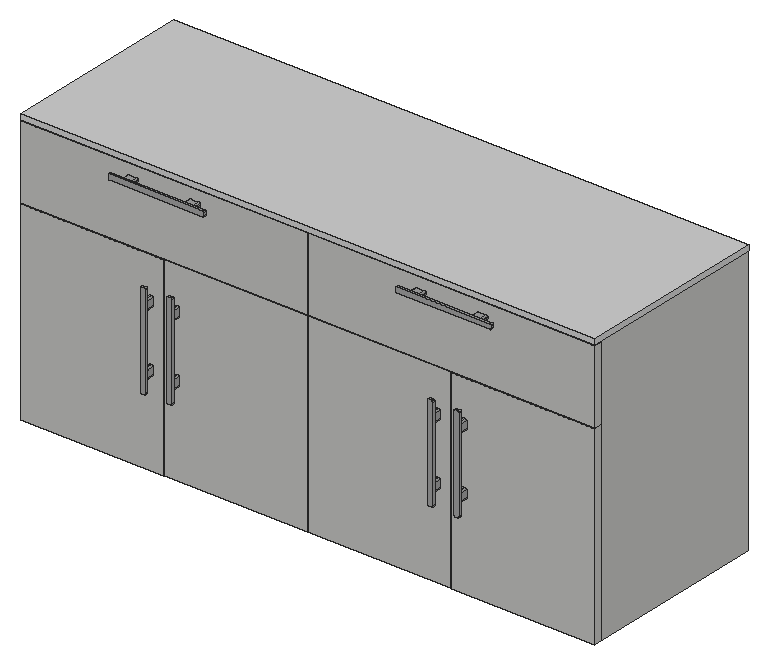
Revit family "Storage-Teknion-CWSD_Credenza_Drawer_and_Closed_Cabinet-R2020", category Furniture, Revit 2020 (continued)
Dimensions and locks (in)
  equal spacing: plane 4 "Left", plane 12, plane 13, plane 5 "Right"
  equal spacing: plane 4 "Left", plane 14, plane 3 "Center Left/Right"
  equal spacing: plane 3 "Center Left/Right", plane 15, plane 5 "Right"
  locked: plane 8 "Top" to Sweep 1 sketch curve at 0.54
  locked: Sweep 2 sketch curve to plane 5 "Right" at 0.72441
  locked: plane 4 "Left" to Sweep 2 sketch curve at 0.72441
  locked: plane 7 "Front" to Sweep 2 sketch curve at 0.80315  (x2)
  locked: plane 7 "Front" to Sweep 3 sketch curve at 0.72441
  locked: plane 10 "Bottom of Top Surface" to Sweep 4 sketch curve at 0.72441
  locked: plane 4 "Left" to Sweep 4 sketch curve at 0.72441
  plane 6 "Back" to Sweep 4 sketch curve to Sweep 4 sketch curve = 2.000" locked, 0.72047" locked
  locked: plane 10 "Bottom of Top Surface" to Sweep 5 sketch curve at 0.72441
  locked: Sweep 5 sketch curve to plane 5 "Right" at 0.72441
  plane 6 "Back" to Sweep 5 sketch curve to Sweep 5 sketch curve = 2.000" locked, 0.72047" locked
  plane 10 "Bottom of Top Surface" to Sweep 6 sketch curve = 0.72441"
  locked: plane 4 "Left" to Sweep 6 sketch curve at 0.72441
  plane 6 "Back" to Sweep 6 sketch curve to Sweep 6 sketch curve = 2.000" locked, 0.72047" locked
  plane 6 "Back" to Sweep 7 sketch curve to Sweep 7 sketch curve = 2.000" locked, 0.72047" locked
  locked: Sweep 8 sketch curve to plane 5 "Right" at 0.72441
  plane 6 "Back" to Sweep 8 sketch curve to Sweep 8 sketch curve = 2.000" locked, 0.72047" locked
  locked: plane 8 "Top" to Sweep 7 sketch curve at 1.26441
  locked: plane 8 "Top" to Sweep 8 sketch curve at 1.26441
  locked: plane 7 "Front" to Sweep 9 sketch curve at 0.72441
  Sweep 3 sketch curve to plane 14 to Sweep 3 sketch curve = 0.03937" locked, 0.03937" locked
  Sweep 9 sketch curve to plane 15 to Sweep 9 sketch curve = 0.03937" locked, 0.03937" locked
  equal spacing: plane 4 "Left", plane 16, plane 12
  equal spacing: plane 13, plane 17, plane 5 "Right"
  locked: plane 7 "Front" to Sweep 10 sketch curve at 0.72441
  Sweep 10 sketch curve to plane 16 to Sweep 10 sketch curve = 0.03937" locked, 0.03937" locked
  locked: plane 7 "Front" to Sweep 11 sketch curve at 0.72441
  Sweep 11 sketch curve to plane 3 "Center Left/Right" to Sweep 11 sketch curve = 0.03937" locked, 0.03937" locked
  locked: plane 7 "Front" to Sweep 12 sketch curve at 0.72441
  Sweep 12 sketch curve to plane 17 to Sweep 12 sketch curve = 0.03937" locked, 0.03937" locked
  locked: plane 7 "Front" to Sweep 13 sketch curve at 0.80315
  locked: plane 10 "Bottom of Top Surface" to Sweep 13 sketch curve at 0.72441
  locked: Sweep 13 sketch curve to plane 4 "Left" at 0.72441
  locked: plane 7 "Front" to Sweep 14 sketch curve at 0.80315
  locked: plane 10 "Bottom of Top Surface" to Sweep 14 sketch curve at 0.72441
  locked: Sweep 14 sketch curve to plane 5 "Right" at 0.72441
  locked: plane 7 "Front" to Sweep 15 sketch curve at 0.80315
  locked: Sweep 15 sketch curve to plane 4 "Left" at 0.72441
  locked: plane 10 "Bottom of Top Surface" to Sweep 15 sketch curve at 0.72441  (x2)
  locked: Sweep 15 sketch curve to plane 5 "Right" at 0.72441
  plane 8 "Top" to plane 10 "Bottom of Top Surface" to plane 11 "Top of Drawers" = 0.540" locked, 7.834"
  locked: plane 9 "Bottom of Cabinet" to level at 0.5
  locked: plane 7 "Front" to Sweep 16 sketch curve at 0.80315
  locked: plane 10 "Bottom of Top Surface" to Sweep 16 sketch curve at 0.72441
  Sweep 17 sketch curve to Sweep 17 sketch curve to plane 9 "Bottom of Cabinet" = 0.72441" locked, 1.27559" locked
  locked: Sweep 17 sketch curve to plane 5 "Right" at 0.72441
  Sweep 17 sketch curve to plane 3 "Center Left/Right" to Sweep 17 sketch curve = 0.72441" locked, 0.72441" locked
  locked: plane 4 "Left" to Sweep 17 sketch curve at 0.72441
  locked: plane 6 "Back" to Sweep 17 sketch curve at 2.72047  (x2)
  locked: plane 7 "Front" to Sweep 17 sketch curve at 1.52756  (x2)
  Sweep 18 sketch curve to Sweep 18 sketch curve to plane 9 "Bottom of Cabinet" = 0.72441" locked, 1.27559" locked
  locked: plane 4 "Left" to Sweep 18 sketch curve at 0.72441
  Sweep 18 sketch curve to plane 12 to Sweep 18 sketch curve = 0.72441" locked, 0.72441" locked
  Sweep 18 sketch curve to plane 13 to Sweep 18 sketch curve = 0.72441" locked, 0.72441" locked
  locked: Sweep 18 sketch curve to plane 5 "Right" at 0.72441
  plane 6 "Back" to Sweep 18 sketch curve to Sweep 18 sketch curve to Sweep 18 sketch curve = 2.72047" locked, 0.000" locked, 0.000" locked
  plane 7 "Front" to Sweep 18 sketch curve to Sweep 18 sketch curve to Sweep 18 sketch curve = 1.52756" locked, 0.000" locked, 0.000" locked
  locked: Sweep 19 sketch curve to plane 4 "Left" at 0.72441
  locked: Sweep 19 sketch curve to plane 5 "Right" at 0.72441
  Sweep 19 sketch curve to plane 3 "Center Left/Right" to Sweep 19 sketch curve = 0.72441" locked, 0.72441" locked
  Sweep 19 sketch curve to Sweep 19 sketch curve to plane 9 "Bottom of Cabinet" = 0.000" locked, 2.000" locked
  plane 7 "Front" to Sweep 19 sketch curve to Sweep 19 sketch curve = 0.80315" locked, 0.72441" locked
  plane 7 "Front" to Sweep 20 sketch curve to Sweep 20 sketch curve = 0.80315" locked, 0.72441" locked
  locked: Sweep 20 sketch curve to plane 4 "Left" at 0.72441
  Sweep 20 sketch curve to plane 12 to Sweep 20 sketch curve = 0.72441" locked, 0.72441" locked
  Sweep 20 sketch curve to plane 13 to Sweep 20 sketch curve = 0.72441" locked, 0.72441" locked
  locked: Sweep 20 sketch curve to plane 5 "Right" at 0.72441
  Sweep 20 sketch curve to Sweep 20 sketch curve to Sweep 20 sketch curve to plane 9 "Bottom of Cabinet" = 0.000" locked, 0.000" locked, 2.000" locked
  locked: plane 6 "Back" to Sweep 21 sketch curve at 2.72047
  locked: plane 7 "Front" to Sweep 21 sketch curve at 0.80315
  locked: plane 3 "Center Left/Right" to Sweep 21 sketch curve at 0.72441
  locked: plane 10 "Bottom of Top Surface" to Sweep 21 sketch curve at 0.72441
  locked: plane 6 "Back" to Sweep 22 sketch curve at 2.72047
  locked: plane 7 "Front" to Sweep 22 sketch curve at 0.80315
  locked: Sweep 22 sketch curve to plane 3 "Center Left/Right" at 0.72441
  locked: plane 10 "Bottom of Top Surface" to Sweep 22 sketch curve at 0.72441
  locked: plane 6 "Back" to Sweep 23 sketch curve at 2.72047
  locked: plane 7 "Front" to Sweep 23 sketch curve at 0.80315
  plane 10 "Bottom of Top Surface" to Sweep 23 sketch curve to Sweep 23 sketch curve = 0.72441" locked, 0.000" locked
  locked: plane 12 to Sweep 23 sketch curve at 0.72441
  locked: Sweep 23 sketch curve to plane 13 at 0.72441
  locked: plane 6 "Back" to Sweep 24 sketch curve at 2.72047
  locked: plane 7 "Front" to Sweep 24 sketch curve at 0.80315
  plane 10 "Bottom of Top Surface" to Sweep 24 sketch curve to Sweep 24 sketch curve = 0.72441" locked, 0.000" locked
  locked: Sweep 24 sketch curve to plane 12 at 0.72441
  locked: plane 13 to Sweep 24 sketch curve at 0.72441
  locked: Sweep 25 sketch curve to level at 1.77559
  locked: plane 4 "Left" to Sweep 25 sketch curve at 1.7205  (x2)
  locked: plane 6 "Back" to Sweep 25 sketch curve at 3.74977  (x2)
  locked: Sweep 25 sketch curve to plane 5 "Right" at 1.7205  (x2)
  locked: plane 7 "Front" to Sweep 25 sketch curve at 2.5525  (x2)
  locked: Sweep 26 sketch curve to level at 1.77559
  Sweep 26 sketch curve to Sweep 26 sketch curve to plane 3 "Center Left/Right" to Sweep 26 sketch curve to Sweep 26 sketch curve = 0.000" locked, 1.7205" locked, 1.7205" locked, 0.000" locked
  Sweep 26 sketch curve to Sweep 26 sketch curve to plane 6 "Back" = 0.000" locked, 3.74977" locked
  locked: Sweep 27 sketch curve to level at 1.77559
  Sweep 27 sketch curve to Sweep 27 sketch curve to plane 12 to Sweep 27 sketch curve to Sweep 27 sketch curve = 0.000" locked, 1.7205" locked, 1.7205" locked, 0.000" locked
  Sweep 27 sketch curve to Sweep 27 sketch curve to plane 13 to Sweep 27 sketch curve to Sweep 27 sketch curve = 0.000" locked, 1.7205" locked, 1.7205" locked, 0.000" locked
  Sweep 27 sketch curve to Sweep 27 sketch curve to Sweep 27 sketch curve to Sweep 27 sketch curve to plane 6 "Back" = 0.000" locked, 0.000" locked, 0.000" locked, 3.74977" locked
  Sweep 28 sketch curve to Sweep 28 sketch curve to plane 7 "Front" = 0.19031" locked, 0.81363" locked
  Sweep 28 sketch curve to Sweep 28 sketch curve to Sweep 28 sketch curve to Sweep 28 sketch curve to Sweep 28 sketch curve to Sweep 28 sketch curve to plane 14 to Sweep 28 sketch curve to Sweep 28 sketch curve to Sweep 28 sketch curve to Sweep 28 sketch curve to Sweep 28 sketch curve to Sweep 28 sketch curve = 0.1378" locked, 0.000" locked, 0.27559" locked, 0.000" locked, 0.1378" locked, 1.10236" locked, 1.10236" locked, 0.1378" locked, 0.000" locked, 0.27559" locked, 0.000" locked, 0.1378" locked
  Sweep 28 sketch curve to Sweep 28 sketch curve to Sweep 28 sketch curve to Sweep 28 sketch curve to Sweep 28 sketch curve to Sweep 28 sketch curve to plane 15 to Sweep 28 sketch curve to Sweep 28 sketch curve to Sweep 28 sketch curve to Sweep 28 sketch curve to Sweep 28 sketch curve to Sweep 28 sketch curve = 0.1378" locked, 0.000" locked, 0.27559" locked, 0.000" locked, 0.1378" locked, 1.10236" locked, 1.10236" locked, 0.1378" locked, 0.000" locked, 0.27559" locked, 0.000" locked, 0.1378" locked
  plane 11 "Top of Drawers" to Sweep 28 sketch curve to Sweep 28 sketch curve to Sweep 28 sketch curve to Sweep 28 sketch curve to Sweep 28 sketch curve to Sweep 28 sketch curve to Sweep 28 sketch curve to Sweep 28 sketch curve to Sweep 28 sketch curve to Sweep 28 sketch curve to Sweep 28 sketch curve to Sweep 28 sketch curve = 2.59843" locked, 0.000" locked, 0.1378" locked, 0.000" locked, 0.000" locked, 0.000" locked, 9.72441" locked, 0.000" locked, 0.000" locked, 0.000" locked, 0.1378" locked, 0.000" locked  (x2)
  locked: Sweep 29 sketch curve to plane 7 "Front" at 0.81363
  plane 11 "Top of Drawers" to Sweep 29 sketch curve to Sweep 29 sketch curve to Sweep 29 sketch curve to Sweep 29 sketch curve to Sweep 29 sketch curve to Sweep 29 sketch curve to Sweep 29 sketch curve to Sweep 29 sketch curve to Sweep 29 sketch curve to Sweep 29 sketch curve to Sweep 29 sketch curve to Sweep 29 sketch curve to Sweep 29 sketch curve to Sweep 29 sketch curve to Sweep 29 sketch curve to Sweep 29 sketch curve to Sweep 29 sketch curve to Sweep 29 sketch curve to Sweep 29 sketch curve to Sweep 29 sketch curve to Sweep 29 sketch curve to Sweep 29 sketch curve to Sweep 29 sketch curve to Sweep 29 sketch curve = 3.83327" locked, 0.000" locked, 0.14311" locked, 0.000" locked, 0.000" locked, 0.000" locked, 0.7874" locked, 0.000" locked, 0.000" locked, 0.000" locked, 0.14311" locked, 0.000" locked, 5.38338" locked, 0.000" locked, 0.14311" locked, 0.000" locked, 0.000" locked, 0.000" locked, 0.7874" locked, 0.000" locked, 0.000" locked, 0.000" locked, 0.14311" locked, 0.000" locked  (x2)
  Sweep 29 sketch curve to Sweep 29 sketch curve to Sweep 29 sketch curve to Sweep 29 sketch curve to Sweep 29 sketch curve to Sweep 29 sketch curve to Sweep 29 sketch curve to Sweep 29 sketch curve to Sweep 29 sketch curve to Sweep 29 sketch curve to Sweep 29 sketch curve to Sweep 29 sketch curve to plane 14 to Sweep 29 sketch curve to Sweep 29 sketch curve to Sweep 29 sketch curve to Sweep 29 sketch curve to Sweep 29 sketch curve to Sweep 29 sketch curve to Sweep 29 sketch curve to Sweep 29 sketch curve to Sweep 29 sketch curve to Sweep 29 sketch curve to Sweep 29 sketch curve to Sweep 29 sketch curve = 0.000" locked, 0.14311" locked, 0.000" locked, 0.000" locked, 0.000" locked, 0.11811" locked, 0.000" locked, 0.000" locked, 0.000" locked, 0.14311" locked, 0.000" locked, 1.17579" locked, 1.17579" locked, 0.000" locked, 0.14311" locked, 0.000" locked, 0.000" locked, 0.000" locked, 0.11811" locked, 0.000" locked, 0.000" locked, 0.000" locked, 0.14311" locked, 0.000" locked
  Sweep 29 sketch curve to Sweep 29 sketch curve to Sweep 29 sketch curve to Sweep 29 sketch curve to Sweep 29 sketch curve to Sweep 29 sketch curve to Sweep 29 sketch curve to Sweep 29 sketch curve to Sweep 29 sketch curve to Sweep 29 sketch curve to Sweep 29 sketch curve to Sweep 29 sketch curve to plane 15 to Sweep 29 sketch curve to Sweep 29 sketch curve to Sweep 29 sketch curve to Sweep 29 sketch curve to Sweep 29 sketch curve to Sweep 29 sketch curve to Sweep 29 sketch curve to Sweep 29 sketch curve to Sweep 29 sketch curve to Sweep 29 sketch curve to Sweep 29 sketch curve to Sweep 29 sketch curve = 0.000" locked, 0.14311" locked, 0.000" locked, 0.000" locked, 0.000" locked, 0.11811" locked, 0.000" locked, 0.000" locked, 0.000" locked, 0.14311" locked, 0.000" locked, 1.17579" locked, 1.17579" locked, 0.000" locked, 0.14311" locked, 0.000" locked, 0.000" locked, 0.000" locked, 0.11811" locked, 0.000" locked, 0.000" locked, 0.000" locked, 0.14311" locked, 0.000" locked
  locked: Sweep 30 sketch curve to Sweep 30 sketch curve at 0.19031
  Sweep 30 sketch curve to Sweep 30 sketch curve to Sweep 30 sketch curve to Sweep 30 sketch curve to Sweep 30 sketch curve to Sweep 30 sketch curve to plane 16 to Sweep 30 sketch curve to Sweep 30 sketch curve to Sweep 30 sketch curve to Sweep 30 sketch curve to Sweep 30 sketch curve to Sweep 30 sketch curve = 0.1378" locked, 0.000" locked, 0.27559" locked, 0.000" locked, 0.1378" locked, 1.10327" locked, 1.10131" locked, 0.1378" locked, 0.000" locked, 0.27559" locked, 0.000" locked, 0.1378" locked
  plane 11 "Top of Drawers" to Sweep 30 sketch curve to Sweep 30 sketch curve to Sweep 30 sketch curve to Sweep 30 sketch curve to Sweep 30 sketch curve to Sweep 30 sketch curve to Sweep 30 sketch curve to Sweep 30 sketch curve to Sweep 30 sketch curve to Sweep 30 sketch curve to Sweep 30 sketch curve to Sweep 30 sketch curve = 2.59843" locked, 0.000" locked, 0.1378" locked, 0.000" locked, 0.000" locked, 0.000" locked, 9.72441" locked, 0.000" locked, 0.000" locked, 0.000" locked, 0.1378" locked, 0.000" locked  (x3)
  plane 11 "Top of Drawers" to Sweep 31 sketch curve to Sweep 31 sketch curve to Sweep 31 sketch curve to Sweep 31 sketch curve to Sweep 31 sketch curve to Sweep 31 sketch curve to Sweep 31 sketch curve to Sweep 31 sketch curve to Sweep 31 sketch curve to Sweep 31 sketch curve to Sweep 31 sketch curve to Sweep 31 sketch curve to Sweep 31 sketch curve to Sweep 31 sketch curve to Sweep 31 sketch curve to Sweep 31 sketch curve to Sweep 31 sketch curve to Sweep 31 sketch curve to Sweep 31 sketch curve to Sweep 31 sketch curve to Sweep 31 sketch curve to Sweep 31 sketch curve to Sweep 31 sketch curve to Sweep 31 sketch curve = 3.83327" locked, 0.000" locked, 0.14311" locked, 0.000" locked, 0.000" locked, 0.000" locked, 0.7874" locked, 0.000" locked, 0.000" locked, 0.000" locked, 0.14311" locked, 0.000" locked, 5.38338" locked, 0.000" locked, 0.14311" locked, 0.000" locked, 0.000" locked, 0.000" locked, 0.7874" locked, 0.000" locked, 0.000" locked, 0.000" locked, 0.14311" locked, 0.000" locked  (x3)
  Sweep 31 sketch curve to Sweep 31 sketch curve to Sweep 31 sketch curve to Sweep 31 sketch curve to Sweep 31 sketch curve to Sweep 31 sketch curve to Sweep 31 sketch curve to Sweep 31 sketch curve to Sweep 31 sketch curve to Sweep 31 sketch curve to Sweep 31 sketch curve to Sweep 31 sketch curve to plane 16 to Sweep 31 sketch curve to Sweep 31 sketch curve to Sweep 31 sketch curve to Sweep 31 sketch curve to Sweep 31 sketch curve to Sweep 31 sketch curve to Sweep 31 sketch curve to Sweep 31 sketch curve to Sweep 31 sketch curve to Sweep 31 sketch curve to Sweep 31 sketch curve to Sweep 31 sketch curve = 0.000" locked, 0.14311" locked, 0.000" locked, 0.000" locked, 0.000" locked, 0.11811" locked, 0.000" locked, 0.000" locked, 0.000" locked, 0.14311" locked, 0.000" locked, 1.17683" locked, 1.17474" locked, 0.000" locked, 0.14311" locked, 0.000" locked, 0.000" locked, 0.000" locked, 0.11811" locked, 0.000" locked, 0.000" locked, 0.000" locked, 0.14311" locked, 0.000" locked
  Sweep 30 sketch curve to Sweep 30 sketch curve to Sweep 30 sketch curve to Sweep 30 sketch curve to Sweep 30 sketch curve to Sweep 30 sketch curve to plane 17 to Sweep 30 sketch curve to Sweep 30 sketch curve to Sweep 30 sketch curve to Sweep 30 sketch curve to Sweep 30 sketch curve to Sweep 30 sketch curve = 0.1378" locked, 0.000" locked, 0.27559" locked, 0.000" locked, 0.1378" locked, 1.10327" locked, 1.10131" locked, 0.1378" locked, 0.000" locked, 0.27559" locked, 0.000" locked, 0.1378" locked
  Sweep 30 sketch curve to Sweep 30 sketch curve to Sweep 30 sketch curve to Sweep 30 sketch curve to Sweep 30 sketch curve to Sweep 30 sketch curve to plane 3 "Center Left/Right" to Sweep 30 sketch curve to Sweep 30 sketch curve to Sweep 30 sketch curve to Sweep 30 sketch curve to Sweep 30 sketch curve to Sweep 30 sketch curve = 0.1378" locked, 0.000" locked, 0.27559" locked, 0.000" locked, 0.1378" locked, 1.10327" locked, 1.10131" locked, 0.1378" locked, 0.000" locked, 0.27559" locked, 0.000" locked, 0.1378" locked
  Sweep 31 sketch curve to Sweep 31 sketch curve to Sweep 31 sketch curve to Sweep 31 sketch curve to Sweep 31 sketch curve to Sweep 31 sketch curve to Sweep 31 sketch curve to Sweep 31 sketch curve to Sweep 31 sketch curve to Sweep 31 sketch curve to Sweep 31 sketch curve to Sweep 31 sketch curve to plane 17 to Sweep 31 sketch curve to Sweep 31 sketch curve to Sweep 31 sketch curve to Sweep 31 sketch curve to Sweep 31 sketch curve to Sweep 31 sketch curve to Sweep 31 sketch curve to Sweep 31 sketch curve to Sweep 31 sketch curve to Sweep 31 sketch curve to Sweep 31 sketch curve to Sweep 31 sketch curve = 0.000" locked, 0.14311" locked, 0.000" locked, 0.000" locked, 0.000" locked, 0.11811" locked, 0.000" locked, 0.000" locked, 0.000" locked, 0.14311" locked, 0.000" locked, 1.17683" locked, 1.17474" locked, 0.000" locked, 0.14311" locked, 0.000" locked, 0.000" locked, 0.000" locked, 0.11811" locked, 0.000" locked, 0.000" locked, 0.000" locked, 0.14311" locked, 0.000" locked
  Sweep 31 sketch curve to Sweep 31 sketch curve to Sweep 31 sketch curve to Sweep 31 sketch curve to Sweep 31 sketch curve to Sweep 31 sketch curve to Sweep 31 sketch curve to Sweep 31 sketch curve to Sweep 31 sketch curve to Sweep 31 sketch curve to Sweep 31 sketch curve to Sweep 31 sketch curve to plane 3 "Center Left/Right" to Sweep 31 sketch curve to Sweep 31 sketch curve to Sweep 31 sketch curve to Sweep 31 sketch curve to Sweep 31 sketch curve to Sweep 31 sketch curve to Sweep 31 sketch curve to Sweep 31 sketch curve to Sweep 31 sketch curve to Sweep 31 sketch curve to Sweep 31 sketch curve to Sweep 31 sketch curve = 0.000" locked, 0.14311" locked, 0.000" locked, 0.000" locked, 0.000" locked, 0.11811" locked, 0.000" locked, 0.000" locked, 0.000" locked, 0.14311" locked, 0.000" locked, 1.17579" locked, 1.17579" locked, 0.000" locked, 0.14311" locked, 0.000" locked, 0.000" locked, 0.000" locked, 0.11811" locked, 0.000" locked, 0.000" locked, 0.000" locked, 0.14311" locked, 0.000" locked
  Masking region 2 sketch curve to Masking region 2 sketch curve to Masking region 2 sketch curve to Masking region 2 sketch curve to plane 7 "Front" = 0.000" locked, 0.000" locked, 0.000" locked, 0.81363" locked
  Masking region 2 sketch curve to Masking region 2 sketch curve to plane 14 to Masking region 2 sketch curve to Masking region 2 sketch curve = 0.40433" locked, 1.17579" locked, 1.17579" locked, 0.40433" locked
  Masking region 2 sketch curve to Masking region 2 sketch curve to plane 15 to Masking region 2 sketch curve to Masking region 2 sketch curve = 0.40433" locked, 1.17579" locked, 1.17579" locked, 0.40433" locked
  Masking region 4 sketch curve to Masking region 4 sketch curve to plane 16 to Masking region 4 sketch curve to Masking region 4 sketch curve = 0.40433" locked, 1.17683" locked, 1.17474" locked, 0.40433" locked
  Masking region 4 sketch curve to Masking region 4 sketch curve to plane 3 "Center Left/Right" to Masking region 4 sketch curve to Masking region 4 sketch curve = 0.40433" locked, 1.17579" locked, 1.17579" locked, 0.40433" locked
  Masking region 4 sketch curve to Masking region 4 sketch curve to plane 17 to Masking region 4 sketch curve to Masking region 4 sketch curve = 0.40433" locked, 1.17474" locked, 1.17683" locked, 0.40433" locked
  plane 7 "Front" to Masking region 4 sketch curve to Masking region 4 sketch curve to Masking region 4 sketch curve to Masking region 4 sketch curve to Masking region 4 sketch curve to Masking region 4 sketch curve = 0.81363" locked, 0.000" locked, 0.000" locked, 0.000" locked, 0.000" locked, 0.000" locked
  locked: plane 7 "Front" to curve 3 at 0.80315
  plane 4 "Left" to curve 4 to curve 5 = 0.72441" locked, 0.000" locked
  curve 4 to curve 5 to plane 5 "Right" = 0.000" locked, 0.72441" locked
  plane 6 "Back" to curve 4 to curve 5 = 2.000" locked, 0.72047" locked
  locked: plane 7 "Front" to curve 6 at 0.72441
  plane 7 "Front" to Sweep 27 sketch curve to Sweep 27 sketch curve to Sweep 27 sketch curve to Sweep 27 sketch curve = 2.5525" locked, 0.000" locked, 0.000" locked, 0.000" locked
  plane 7 "Front" to Sweep 26 sketch curve to Sweep 26 sketch curve = 2.5525" locked, 0.000" locked
  locked: plane 6 "Back" to plane 18 at 2.72047
  locked: plane 7 "Front" to plane 19 at 0.80315
  curve 10 to plane 12 to curve 11 = 0.72441" locked, 0.72441" locked
  curve 12 to plane 13 to curve 13 = 0.72441" locked, 0.72441" locked
  curve 14 to plane 3 "Center Left/Right" to curve 15 = 0.72441" locked, 0.72441" locked
  curve 24 to plane 17 to curve 25 = 0.03937" locked, 0.03937" locked
  curve 22 to plane 15 to curve 23 = 0.03937" locked, 0.03937" locked
  curve 20 to plane 3 "Center Left/Right" to curve 21 = 0.03937" locked, 0.03937" locked
  curve 18 to plane 14 to curve 19 = 0.03937" locked, 0.03937" locked
  curve 16 to plane 16 to curve 17 = 0.03937" locked, 0.03937" locked
  plane 18 to curve 26 to curve 27 to curve 28 to curve 33 to curve 41 to curve 36 to curve 35 to curve 34 = 1.0293" locked, 0.000" locked, 0.000" locked, 0.000" locked, 0.000" locked, 0.000" locked, 0.000" locked, 0.000" locked
  plane 19 to curve 29 to curve 30 to curve 31 to curve 32 to curve 40 to curve 39 to curve 38 to curve 37 = 1.74935" locked, 0.000" locked, 0.000" locked, 0.000" locked, 0.000" locked, 0.000" locked, 0.000" locked, 0.000" locked
  plane 4 "Left" to curve 26 to curve 29 = 1.7205" locked, 0.000" locked
  curve 30 to curve 27 to plane 12 to curve 31 to curve 28 = 0.000" locked, 1.7205" locked, 1.7205" locked, 0.000" locked
  curve 33 to curve 32 to plane 3 "Center Left/Right" to curve 41 to curve 40 = 0.000" locked, 1.7205" locked, 1.7205" locked, 0.000" locked
  curve 36 to curve 39 to plane 13 to curve 35 to curve 38 = 0.000" locked, 1.7205" locked, 1.7205" locked, 0.000" locked
  curve 34 to curve 37 to plane 5 "Right" = 0.000" locked, 1.7205" locked
  locked: plane 7 "Front" to Sweep 32 sketch curve at 0.72441
  plane 8 "Top" to Sweep 32 sketch curve to Sweep 32 sketch curve = 0.61874" locked, 7.67652" locked
  locked: plane 7 "Front" to Sweep 33 sketch curve at 0.72441
  plane 8 "Top" to Sweep 33 sketch curve to Sweep 33 sketch curve = 0.61874" locked, 7.67652" locked
  locked: plane 7 "Front" to Sweep 34 sketch curve at 0.72441
  plane 8 "Top" to Sweep 34 sketch curve to Sweep 34 sketch curve = 0.61874" locked, 7.67652" locked  (x2)
  locked: plane 7 "Front" to Sweep 35 sketch curve at 0.72441
  plane 8 "Top" to Sweep 35 sketch curve to Sweep 35 sketch curve = 0.61874" locked, 7.67652" locked
  Sweep 36 sketch curve to Sweep 36 sketch curve to plane 7 "Front" = 0.19031" locked, 0.81363" locked
  plane 8 "Top" to Sweep 36 sketch curve to Sweep 36 sketch curve to Sweep 36 sketch curve to Sweep 36 sketch curve to Sweep 36 sketch curve to Sweep 36 sketch curve to Sweep 36 sketch curve to Sweep 36 sketch curve to Sweep 36 sketch curve to Sweep 36 sketch curve to Sweep 36 sketch curve to Sweep 36 sketch curve = 1.64236" locked, 0.000" locked, 0.1378" locked, 0.000" locked, 0.000" locked, 0.000" locked, 0.27559" locked, 0.000" locked, 0.000" locked, 0.000" locked, 0.1378" locked, 0.000" locked
  Sweep 36 sketch curve to Sweep 36 sketch curve to Sweep 36 sketch curve to plane 14 to Sweep 36 sketch curve to Sweep 36 sketch curve to Sweep 36 sketch curve = 0.1378" locked, 0.000" locked, 4.8622" locked, 4.8622" locked, 0.000" locked, 0.1378" locked
  Sweep 36 sketch curve to Sweep 36 sketch curve to Sweep 36 sketch curve to plane 15 to Sweep 36 sketch curve to Sweep 36 sketch curve to Sweep 36 sketch curve = 0.1378" locked, 0.000" locked, 4.8622" locked, 4.8622" locked, 0.000" locked, 0.1378" locked
  Sweep 37 sketch curve to Sweep 37 sketch curve to plane 7 "Front" = 0.19031" locked, 0.81363" locked
  plane 8 "Top" to Sweep 37 sketch curve to Sweep 37 sketch curve to Sweep 37 sketch curve to Sweep 37 sketch curve to Sweep 37 sketch curve to Sweep 37 sketch curve to Sweep 37 sketch curve to Sweep 37 sketch curve to Sweep 37 sketch curve to Sweep 37 sketch curve to Sweep 37 sketch curve to Sweep 37 sketch curve to Sweep 37 sketch curve to Sweep 37 sketch curve to Sweep 37 sketch curve to Sweep 37 sketch curve to Sweep 37 sketch curve to Sweep 37 sketch curve = 1.64236" locked, 0.000" locked, 0.000" locked, 0.1378" locked, 0.000" locked, 0.000" locked, 0.000" locked, 0.000" locked, 0.000" locked, 0.27559" locked, 0.000" locked, 0.000" locked, 0.000" locked, 0.000" locked, 0.000" locked, 0.1378" locked, 0.000" locked, 0.000" locked
  Sweep 37 sketch curve to Sweep 37 sketch curve to Sweep 37 sketch curve to plane 16 to Sweep 37 sketch curve to Sweep 37 sketch curve to Sweep 37 sketch curve = 0.1378" locked, 0.000" locked, 4.8622" locked, 4.8622" locked, 0.000" locked, 0.1378" locked
  Sweep 37 sketch curve to Sweep 37 sketch curve to Sweep 37 sketch curve to plane 3 "Center Left/Right" to Sweep 37 sketch curve to Sweep 37 sketch curve to Sweep 37 sketch curve = 0.1378" locked, 0.000" locked, 4.8622" locked, 4.8622" locked, 0.000" locked, 0.1378" locked
  Sweep 37 sketch curve to Sweep 37 sketch curve to Sweep 37 sketch curve to plane 17 to Sweep 37 sketch curve to Sweep 37 sketch curve to Sweep 37 sketch curve = 0.1378" locked, 0.000" locked, 4.8622" locked, 4.8622" locked, 0.000" locked, 0.1378" locked
  locked: Sweep 38 sketch curve to plane 7 "Front" at 0.81363
  Sweep 38 sketch curve to Sweep 38 sketch curve to Sweep 38 sketch curve to Sweep 38 sketch curve to Sweep 38 sketch curve to Sweep 38 sketch curve to plane 16 to Sweep 38 sketch curve to Sweep 38 sketch curve to Sweep 38 sketch curve to Sweep 38 sketch curve to Sweep 38 sketch curve to Sweep 38 sketch curve = 0.14311" locked, 0.000" locked, 0.7874" locked, 0.000" locked, 0.14311" locked, 2.69154" locked, 2.69185" locked, 0.14311" locked, 0.000" locked, 0.7874" locked, 0.000" locked, 0.14311" locked
  Sweep 38 sketch curve to Sweep 38 sketch curve to Sweep 38 sketch curve to Sweep 38 sketch curve to Sweep 38 sketch curve to Sweep 38 sketch curve to plane 3 "Center Left/Right" to Sweep 38 sketch curve to Sweep 38 sketch curve to Sweep 38 sketch curve to Sweep 38 sketch curve to Sweep 38 sketch curve to Sweep 38 sketch curve = 0.14311" locked, 0.000" locked, 0.7874" locked, 0.000" locked, 0.14311" locked, 2.69154" locked, 2.69185" locked, 0.14311" locked, 0.000" locked, 0.7874" locked, 0.000" locked, 0.14311" locked
  Sweep 38 sketch curve to Sweep 38 sketch curve to Sweep 38 sketch curve to Sweep 38 sketch curve to Sweep 38 sketch curve to Sweep 38 sketch curve to plane 17 to Sweep 38 sketch curve to Sweep 38 sketch curve to Sweep 38 sketch curve to Sweep 38 sketch curve to Sweep 38 sketch curve to Sweep 38 sketch curve = 0.14311" locked, 0.000" locked, 0.7874" locked, 0.000" locked, 0.14311" locked, 2.69154" locked, 2.69185" locked, 0.14311" locked, 0.000" locked, 0.7874" locked, 0.000" locked, 0.14311" locked
  plane 8 "Top" to Sweep 38 sketch curve to Sweep 38 sketch curve to Sweep 38 sketch curve to Sweep 38 sketch curve to Sweep 38 sketch curve to Sweep 38 sketch curve to Sweep 38 sketch curve to Sweep 38 sketch curve to Sweep 38 sketch curve to Sweep 38 sketch curve to Sweep 38 sketch curve to Sweep 38 sketch curve to Sweep 38 sketch curve to Sweep 38 sketch curve to Sweep 38 sketch curve to Sweep 38 sketch curve to Sweep 38 sketch curve to Sweep 38 sketch curve to Sweep 38 sketch curve to Sweep 38 sketch curve to Sweep 38 sketch curve to Sweep 38 sketch curve to Sweep 38 sketch curve to Sweep 38 sketch curve to Sweep 38 sketch curve to Sweep 38 sketch curve to Sweep 38 sketch curve to Sweep 38 sketch curve to Sweep 38 sketch curve to Sweep 38 sketch curve to Sweep 38 sketch curve to Sweep 38 sketch curve to Sweep 38 sketch curve to Sweep 38 sketch curve to Sweep 38 sketch curve to Sweep 38 sketch curve = 1.71579" locked, 0.000" locked, 0.000" locked, 0.000" locked, 0.000" locked, 0.000" locked, 0.14311" locked, 0.000" locked, 0.000" locked, 0.000" locked, 0.000" locked, 0.000" locked, 0.000" locked, 0.000" locked, 0.000" locked, 0.000" locked, 0.000" locked, 0.000" locked, 0.11811" locked, 0.000" locked, 0.000" locked, 0.000" locked, 0.000" locked, 0.000" locked, 0.000" locked, 0.000" locked, 0.000" locked, 0.000" locked, 0.000" locked, 0.000" locked, 0.14311" locked, 0.000" locked, 0.000" locked, 0.000" locked, 0.000" locked, 0.000" locked
  plane 8 "Top" to Sweep 39 sketch curve to Sweep 39 sketch curve to Sweep 39 sketch curve to Sweep 39 sketch curve to Sweep 39 sketch curve to Sweep 39 sketch curve to Sweep 39 sketch curve to Sweep 39 sketch curve to Sweep 39 sketch curve to Sweep 39 sketch curve to Sweep 39 sketch curve to Sweep 39 sketch curve to Sweep 39 sketch curve to Sweep 39 sketch curve to Sweep 39 sketch curve to Sweep 39 sketch curve to Sweep 39 sketch curve to Sweep 39 sketch curve to Sweep 39 sketch curve to Sweep 39 sketch curve to Sweep 39 sketch curve to Sweep 39 sketch curve to Sweep 39 sketch curve to Sweep 39 sketch curve = 1.71579" locked, 0.000" locked, 0.000" locked, 0.000" locked, 0.14311" locked, 0.000" locked, 0.000" locked, 0.000" locked, 0.000" locked, 0.000" locked, 0.000" locked, 0.000" locked, 0.11811" locked, 0.000" locked, 0.000" locked, 0.000" locked, 0.000" locked, 0.000" locked, 0.000" locked, 0.000" locked, 0.14311" locked, 0.000" locked, 0.000" locked, 0.000" locked
  Sweep 39 sketch curve to Sweep 39 sketch curve to Sweep 39 sketch curve to Sweep 39 sketch curve to Sweep 39 sketch curve to Sweep 39 sketch curve to plane 14 to Sweep 39 sketch curve to Sweep 39 sketch curve to Sweep 39 sketch curve to Sweep 39 sketch curve to Sweep 39 sketch curve to Sweep 39 sketch curve = 0.14311" locked, 0.000" locked, 0.7874" locked, 0.000" locked, 0.14311" locked, 2.69154" locked, 2.69154" locked, 0.14311" locked, 0.000" locked, 0.7874" locked, 0.000" locked, 0.14311" locked
  Sweep 39 sketch curve to Sweep 39 sketch curve to Sweep 39 sketch curve to Sweep 39 sketch curve to Sweep 39 sketch curve to Sweep 39 sketch curve to plane 15 to Sweep 39 sketch curve to Sweep 39 sketch curve to Sweep 39 sketch curve to Sweep 39 sketch curve to Sweep 39 sketch curve to Sweep 39 sketch curve = 0.14311" locked, 0.000" locked, 0.7874" locked, 0.000" locked, 0.14311" locked, 2.69154" locked, 2.69154" locked, 0.14311" locked, 0.000" locked, 0.7874" locked, 0.000" locked, 0.14311" locked
  locked: Sweep 39 sketch curve to plane 7 "Front" at 0.81363
  Masking region 5 sketch curve to plane 16 to Masking region 5 sketch curve = 5.000" locked, 5.000" locked
  plane 7 "Front" to Masking region 5 sketch curve to Masking region 5 sketch curve = 0.81363" locked, 0.19031" locked
  Masking region 5 sketch curve to Masking region 5 sketch curve to plane 7 "Front" = 0.19031" locked, 0.81363" locked  (x2)
  Masking region 5 sketch curve to plane 3 "Center Left/Right" to Masking region 5 sketch curve = 5.000" locked, 5.000" locked
  Masking region 5 sketch curve to plane 17 to Masking region 5 sketch curve = 5.000" locked, 5.000" locked
  Masking region 3 sketch curve to plane 14 to Masking region 3 sketch curve = 5.000" locked, 5.000" locked
  Masking region 3 sketch curve to Masking region 3 sketch curve to plane 7 "Front" = 0.19031" locked, 0.81363" locked  (x2)
  Masking region 6 sketch curve to Masking region 6 sketch curve to plane 16 to Masking region 6 sketch curve to Masking region 6 sketch curve = 1.07362" locked, 2.69154" locked, 2.69154" locked, 1.07362" locked
  Masking region 6 sketch curve to Masking region 6 sketch curve to plane 3 "Center Left/Right" to Masking region 6 sketch curve to Masking region 6 sketch curve = 1.07362" locked, 2.69154" locked, 2.69154" locked, 1.07362" locked
  Masking region 6 sketch curve to Masking region 6 sketch curve to plane 17 to Masking region 6 sketch curve to Masking region 6 sketch curve = 1.07362" locked, 2.69154" locked, 2.69154" locked, 1.07362" locked
  plane 7 "Front" to Masking region 6 sketch curve to Masking region 6 sketch curve to Masking region 6 sketch curve to Masking region 6 sketch curve to Masking region 6 sketch curve to Masking region 6 sketch curve = 0.81363" locked, 0.000" locked, 0.000" locked, 0.000" locked, 0.000" locked, 0.000" locked
  Masking region 7 sketch curve to Masking region 7 sketch curve to plane 14 to Masking region 7 sketch curve to Masking region 7 sketch curve = 1.07362" locked, 2.69154" locked, 2.69154" locked, 1.07362" locked
  Masking region 7 sketch curve to Masking region 7 sketch curve to plane 15 to Masking region 7 sketch curve to Masking region 7 sketch curve = 1.07362" locked, 2.69154" locked, 2.69154" locked, 1.07362" locked
  plane 7 "Front" to Masking region 7 sketch curve to Masking region 7 sketch curve to Masking region 7 sketch curve to Masking region 7 sketch curve = 0.81363" locked, 0.000" locked, 0.000" locked, 0.000" locked
  Masking region 3 sketch curve to plane 15 to Masking region 3 sketch curve = 5.000" locked, 5.000" locked
  locked: plane 8 "Top" to plane 20 at 0.16
  aligned and locked: level to plane 2
  aligned and locked: plane 3 "Center Left/Right" to Sweep 1 sketch curve
  aligned and locked: plane 8 "Top" to Sweep 1 sketch curve
  aligned and locked: Sweep 1 sketch curve to plane 6 "Back"
  aligned and locked: plane 4 "Left" to Sweep 1 sketch curve
  aligned and locked: plane 5 "Right" to Sweep 1 sketch curve
  aligned and locked: Sweep 1 sketch curve to plane 7 "Front"
  aligned and locked: plane 3 "Center Left/Right" to Sweep 2 sketch curve
  aligned and locked: plane 10 "Bottom of Top Surface" to Sweep 2 sketch curve
  aligned and locked: plane 9 "Bottom of Cabinet" to Sweep 2 sketch curve
  aligned and locked: Sweep 2 sketch curve to plane 5 "Right"
  aligned and locked: plane 4 "Left" to Sweep 2 sketch curve
  aligned and locked: Sweep 2 sketch curve to plane 6 "Back"
  aligned and locked: plane 6 "Back" to Sweep 2 sketch curve
  aligned and locked: plane 3 "Center Left/Right" to Sweep 3 sketch curve  (x2)
  aligned and locked: plane 7 "Front" to Sweep 3 sketch curve
  aligned and locked: Sweep 3 sketch curve to plane 11 "Top of Drawers"  (x2)
  aligned and locked: plane 4 "Left" to Sweep 3 sketch curve
  aligned and locked: plane 9 "Bottom of Cabinet" to Sweep 3 sketch curve  (x2)
  aligned and locked: plane 9 "Bottom of Cabinet" to Sweep 4 sketch curve
  aligned and locked: plane 3 "Center Left/Right" to Sweep 4 sketch curve
  aligned and locked: Sweep 4 sketch curve to plane 3 "Center Left/Right"
  aligned and locked: plane 9 "Bottom of Cabinet" to Sweep 5 sketch curve
  aligned and locked: plane 3 "Center Left/Right" to Sweep 5 sketch curve  (x2)
  aligned and locked: plane 3 "Center Left/Right" to Sweep 6 sketch curve
  aligned and locked: plane 9 "Bottom of Cabinet" to Sweep 6 sketch curve
  aligned and locked: Sweep 6 sketch curve to plane 12
  aligned and locked: plane 3 "Center Left/Right" to Sweep 7 sketch curve
  aligned and locked: plane 9 "Bottom of Cabinet" to Sweep 7 sketch curve
  aligned and locked: plane 12 to Sweep 7 sketch curve
  aligned and locked: Sweep 7 sketch curve to plane 13
  aligned and locked: plane 3 "Center Left/Right" to Sweep 8 sketch curve
  aligned and locked: plane 9 "Bottom of Cabinet" to Sweep 8 sketch curve
  aligned and locked: plane 13 to Sweep 8 sketch curve
  aligned and locked: plane 7 "Front" to Sweep 9 sketch curve
  aligned and locked: plane 3 "Center Left/Right" to Sweep 9 sketch curve  (x2)
  aligned and locked: plane 5 "Right" to Sweep 9 sketch curve
  aligned and locked: Sweep 9 sketch curve to plane 9 "Bottom of Cabinet"
  aligned and locked: Sweep 9 sketch curve to plane 11 "Top of Drawers"  (x2)
  aligned and locked: plane 9 "Bottom of Cabinet" to Sweep 9 sketch curve
  aligned and locked: plane 7 "Front" to Sweep 10 sketch curve
  aligned and locked: plane 3 "Center Left/Right" to Sweep 10 sketch curve
  aligned and locked: plane 12 to Sweep 10 sketch curve
  aligned and locked: plane 4 "Left" to Sweep 10 sketch curve
  aligned and locked: plane 9 "Bottom of Cabinet" to Sweep 10 sketch curve
  aligned and locked: Sweep 10 sketch curve to plane 9 "Bottom of Cabinet"
  aligned and locked: plane 11 "Top of Drawers" to Sweep 10 sketch curve
  aligned and locked: Sweep 10 sketch curve to plane 11 "Top of Drawers"
  aligned and locked: plane 3 "Center Left/Right" to Sweep 11 sketch curve
  aligned and locked: plane 7 "Front" to Sweep 11 sketch curve
  aligned and locked: Sweep 11 sketch curve to plane 9 "Bottom of Cabinet"  (x2)
  aligned and locked: plane 11 "Top of Drawers" to Sweep 11 sketch curve
  aligned and locked: Sweep 11 sketch curve to plane 11 "Top of Drawers"
  aligned and locked: Sweep 11 sketch curve to plane 12
  aligned and locked: plane 13 to Sweep 11 sketch curve
  aligned and locked: plane 7 "Front" to Sweep 12 sketch curve
  aligned and locked: plane 3 "Center Left/Right" to Sweep 12 sketch curve
  aligned and locked: plane 13 to Sweep 12 sketch curve
  aligned and locked: plane 5 "Right" to Sweep 12 sketch curve
  aligned and locked: plane 9 "Bottom of Cabinet" to Sweep 12 sketch curve
  aligned and locked: Sweep 12 sketch curve to plane 9 "Bottom of Cabinet"
  aligned and locked: Sweep 12 sketch curve to plane 11 "Top of Drawers"  (x2)
  aligned and locked: plane 3 "Center Left/Right" to Sweep 13 sketch curve
  aligned and locked: plane 6 "Back" to Sweep 13 sketch curve
  aligned and locked: Sweep 13 sketch curve to plane 10 "Bottom of Top Surface"
  aligned and locked: Sweep 13 sketch curve to plane 3 "Center Left/Right"
  aligned and locked: plane 6 "Back" to Sweep 14 sketch curve
  aligned and locked: plane 3 "Center Left/Right" to Sweep 14 sketch curve  (x2)
  aligned and locked: Sweep 14 sketch curve to plane 10 "Bottom of Top Surface"
  aligned and locked: plane 6 "Back" to Sweep 15 sketch curve
  aligned and locked: plane 3 "Center Left/Right" to Sweep 15 sketch curve
  aligned and locked: plane 12 to Sweep 15 sketch curve
  aligned and locked: plane 10 "Bottom of Top Surface" to Sweep 15 sketch curve
  aligned and locked: plane 13 to Sweep 15 sketch curve
  aligned and locked: Sweep 15 sketch curve to plane 10 "Bottom of Top Surface"
  aligned and locked: plane 3 "Center Left/Right" to Sweep 16 sketch curve
  aligned and locked: plane 6 "Back" to Sweep 16 sketch curve
  aligned and locked: Sweep 16 sketch curve to plane 10 "Bottom of Top Surface"
  aligned and locked: plane 12 to Sweep 16 sketch curve
  aligned and locked: Sweep 16 sketch curve to plane 13
  aligned and locked: plane 3 "Center Left/Right" to Sweep 17 sketch curve
  aligned and locked: plane 3 "Center Left/Right" to Sweep 18 sketch curve
  aligned and locked: plane 9 "Bottom of Cabinet" to Sweep 19 sketch curve  (x2)
  aligned and locked: plane 3 "Center Left/Right" to Sweep 19 sketch curve
  aligned and locked: plane 3 "Center Left/Right" to Sweep 20 sketch curve
  aligned and locked: Sweep 20 sketch curve to plane 9 "Bottom of Cabinet"  (x3)
  aligned and locked: plane 3 "Center Left/Right" to Sweep 21 sketch curve
  aligned and locked: plane 9 "Bottom of Cabinet" to Sweep 21 sketch curve
  aligned and locked: Sweep 21 sketch curve to plane 3 "Center Left/Right"
  aligned and locked: plane 3 "Center Left/Right" to Sweep 22 sketch curve  (x2)
  aligned and locked: plane 9 "Bottom of Cabinet" to Sweep 22 sketch curve
  aligned and locked: plane 3 "Center Left/Right" to Sweep 23 sketch curve
  aligned and locked: Sweep 23 sketch curve to plane 12
  aligned and locked: Sweep 23 sketch curve to plane 13
  aligned and locked: plane 9 "Bottom of Cabinet" to Sweep 23 sketch curve
  aligned and locked: Sweep 23 sketch curve to plane 9 "Bottom of Cabinet"
  aligned and locked: plane 3 "Center Left/Right" to Sweep 24 sketch curve
  aligned and locked: plane 12 to Sweep 24 sketch curve
  aligned and locked: plane 13 to Sweep 24 sketch curve
  aligned and locked: plane 9 "Bottom of Cabinet" to Sweep 24 sketch curve
  aligned and locked: Sweep 24 sketch curve to plane 9 "Bottom of Cabinet"
  aligned and locked: plane 3 "Center Left/Right" to Sweep 25 sketch curve
  aligned and locked: level to Sweep 25 sketch curve
  aligned and locked: level to Sweep 26 sketch curve
  aligned and locked: plane 3 "Center Left/Right" to Sweep 26 sketch curve
  aligned and locked: level to Sweep 27 sketch curve
  aligned and locked: plane 3 "Center Left/Right" to Sweep 27 sketch curve
  aligned and locked: plane 3 "Center Left/Right" to Sweep 28 sketch curve
  aligned and locked: plane 3 "Center Left/Right" to Sweep 29 sketch curve
  aligned and locked: plane 7 "Front" to Sweep 29 sketch curve
  aligned and locked: plane 4 "Left" to Masking region 1 sketch curve
  aligned and locked: Masking region 1 sketch curve to plane 6 "Back"
  aligned and locked: plane 5 "Right" to Masking region 1 sketch curve
  aligned and locked: Masking region 1 sketch curve to plane 7 "Front"
  aligned and locked: plane 7 "Front" to Masking region 2 sketch curve  (x4)
  aligned and locked: plane 7 "Front" to Masking region 4 sketch curve  (x6)
  aligned and locked: plane 4 "Left" to curve 3
  aligned and locked: plane 5 "Right" to curve 3
  aligned and locked: plane 4 "Left" to curve 6
  aligned and locked: plane 5 "Right" to curve 6
  aligned and locked: plane 6 "Back" to curve 7
  aligned and locked: plane 6 "Back" to curve 8
  aligned and locked: plane 7 "Front" to curve 7
  aligned and locked: plane 7 "Front" to curve 8
  aligned and locked: curve 7 to plane 12
  aligned and locked: plane 13 to curve 8
  aligned and locked: plane 6 "Back" to curve 9
  aligned and locked: plane 7 "Front" to curve 9
  aligned and locked: curve 9 to plane 3 "Center Left/Right"
  aligned and locked: plane 18 to curve 10
  aligned and locked: plane 19 to curve 11
  aligned and locked: plane 7 "Front" to Sweep 32 sketch curve
  aligned and locked: plane 3 "Center Left/Right" to Sweep 32 sketch curve
  aligned and locked: plane 4 "Left" to Sweep 32 sketch curve
  aligned and locked: Sweep 32 sketch curve to plane 3 "Center Left/Right"
  aligned and locked: plane 3 "Center Left/Right" to Sweep 33 sketch curve  (x2)
  aligned and locked: plane 7 "Front" to Sweep 33 sketch curve
  aligned and locked: plane 5 "Right" to Sweep 33 sketch curve
  aligned and locked: plane 3 "Center Left/Right" to Sweep 34 sketch curve
  aligned and locked: plane 7 "Front" to Sweep 34 sketch curve
  aligned and locked: plane 13 to Sweep 34 sketch curve
  aligned and locked: plane 5 "Right" to Sweep 34 sketch curve
  aligned and locked: Sweep 34 sketch curve to plane 12
  aligned and locked: plane 4 "Left" to Sweep 34 sketch curve
  aligned and locked: plane 3 "Center Left/Right" to Sweep 35 sketch curve
  aligned and locked: plane 7 "Front" to Sweep 35 sketch curve
  aligned and locked: plane 12 to Sweep 35 sketch curve
  aligned and locked: Sweep 35 sketch curve to plane 13
  aligned and locked: plane 3 "Center Left/Right" to Sweep 36 sketch curve
  aligned and locked: plane 3 "Center Left/Right" to Sweep 37 sketch curve
  aligned and locked: plane 3 "Center Left/Right" to Sweep 38 sketch curve
  aligned and locked: plane 7 "Front" to Sweep 38 sketch curve
  aligned and locked: plane 3 "Center Left/Right" to Sweep 39 sketch curve
  aligned and locked: plane 7 "Front" to Sweep 39 sketch curve
  aligned and locked: curve 42 to plane 4 "Left"
  aligned and locked: curve 43 to plane 6 "Back"
  aligned and locked: plane 5 "Right" to curve 44
  aligned and locked: plane 7 "Front" to curve 45
  aligned and locked: plane 20 to Sweep 40 sketch curve
  aligned and locked: plane 10 "Bottom of Top Surface" to Sweep 40 sketch curve
  aligned and locked: plane 8 "Top" to Sweep 41 sketch curve
  aligned and locked: plane 20 to Sweep 41 sketch curve
  aligned and locked: Sweep 40 sketch curve to plane 6 "Back"
  aligned and locked: plane 5 "Right" to Sweep 40 sketch curve
  aligned and locked: plane 4 "Left" to Sweep 40 sketch curve
  aligned and locked: Sweep 40 sketch curve to plane 7 "Front"
  aligned and locked: Sweep 41 sketch curve to plane 6 "Back"
  aligned and locked: plane 4 "Left" to Sweep 41 sketch curve
  aligned and locked: Sweep 41 sketch curve to plane 7 "Front"
  aligned and locked: plane 5 "Right" to Sweep 41 sketch curve
Automatic sketch dimensions
  Sweep 30 sketch curve to plane 3 "Center Left/Right" = 0.000"
  plane 7 "Front" to Sweep 30 sketch curve = 1.00394"
  Sweep 31 sketch curve to plane 3 "Center Left/Right" = 0.000"
  plane 7 "Front" to Sweep 31 sketch curve = 0.000"
  Sweep 31 sketch curve to Sweep 31 sketch curve = 0.81363"
  plane 7 "Front" to curve 17 = 0.000"
  plane 7 "Front" to curve 24 = 0.000"
  plane 7 "Front" to curve 23 = 0.000"
  plane 7 "Front" to curve 22 = 0.000"
  plane 7 "Front" to curve 21 = 0.000"
  plane 7 "Front" to curve 20 = 0.000"
  plane 7 "Front" to curve 19 = 0.000"
  plane 7 "Front" to curve 18 = 0.000"
  plane 7 "Front" to curve 16 = 0.000"
  plane 7 "Front" to curve 25 = 0.000"
  curve 2 to plane 6 "Back" = 0.000"
  curve 1 to plane 6 "Back" = 0.000"
  plane 7 "Front" to Masking region 6 sketch curve = 0.000"  (x6)
  plane 7 "Front" to Masking region 7 sketch curve = 0.000"  (x4)
  Sweep 40 sketch curve to plane 3 "Center Left/Right" = 0.000"
  Sweep 41 sketch curve to plane 3 "Center Left/Right" = 0.000"
  radius of Sweep 25 sketch curve = 0.500"  (x4)
  radius of Sweep 26 sketch curve = 0.500"  (x4)
  radius of Sweep 27 sketch curve = 0.500"  (x8)
  radius of curve 26 = 0.500"
  radius of curve 27 = 0.500"
  radius of curve 28 = 0.500"
  radius of curve 29 = 0.500"
  radius of curve 30 = 0.500"
  radius of curve 31 = 0.500"
  radius of curve 32 = 0.500"
  radius of curve 33 = 0.500"
  radius of curve 34 = 0.500"
  radius of curve 35 = 0.500"
  radius of curve 36 = 0.500"
  radius of curve 37 = 0.500"
  radius of curve 38 = 0.500"
  radius of curve 39 = 0.500"
  radius of curve 40 = 0.500"
  radius of curve 41 = 0.500"
Types (5): name | Top Finish Note | Top Finish | Solid Top Visibility | Glass Top Visibility | Description
  (no name) | "Choose either a Silver Grey or Elegant Grey Finish below" | Wood - Teknion - MH - Silver Grey | yes | no | "Custom Wood Credenza, 1/2\" Top, Drawer and Closed Cabinet, Has Grey Solid Surface Top"
  Has Veneer Top | "Choose a Veneer Finish below" | Wood - Teknion - DV - Sierra (Horizontal Grain) | yes | no | "Custom Wood Credenza, 1/2\" Top, Drawer and Closed Cabinet, Has Veneer Top"
  Has White Solid Surface Top | "Choose Glacier White below" | Wood - Teknion - MV - Solid Surface - Glacier White | yes | no | "Custom Wood Credenza, 1/2\" Top, Drawer and Closed Cabinet, Has White Solid Surface Top"
  Has Grey Solid Surface Top | "Choose either a Silver Grey or Elegant Grey Finish below" | Wood - Teknion - MH - Silver Grey | yes | no | "Custom Wood Credenza, 1/2\" Top, Drawer and Closed Cabinet, Has Grey Solid Surface Top"
  Has Backpainted Glass Top | "Choose a Backpainted Glass Finish below" | Back-painted Glass - K7 - Teknion - Very White | no | yes | "Custom Wood Credenza, 1/2\" Top, Drawer and Closed Cabinet, Has Backpainted Glass Top"
